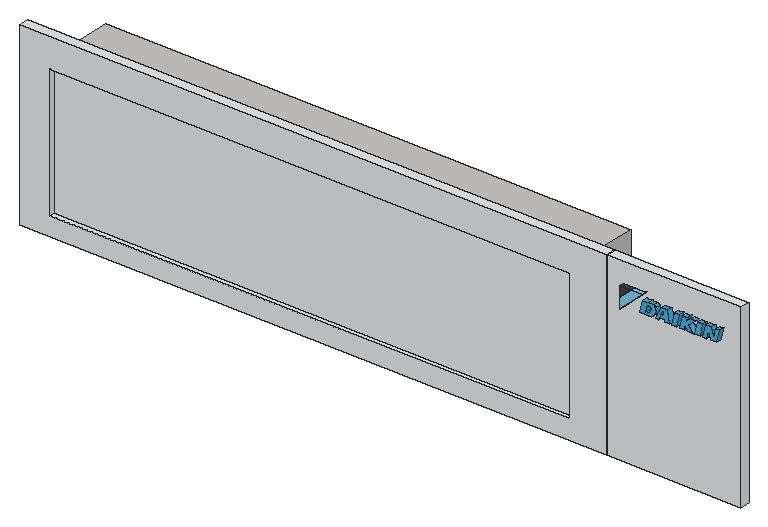
Revit family "outputfile", category 制気口, Revit 2024
Family settings
  丸型コネクタ寸法 = 直径を使用
  パーツ タイプ = 標準
  OmniClass 番号 = 23.75.70.21.27.11
  OmniClass タイトル = Diffusers, Registers, and Grilles
  作業面ベース = いいえ
  常に垂直 = はい
  ロード時にボイドで切り取り = いいえ
  注釈の向きを維持 = いいえ
  共有 = いいえ
  部屋計算ポイント = いいえ
Parameters (values of type "FPRAQ32APVM")
  Description = ""
  製造元 = "Daikin"
  書き出し IFC クラス(タイプ) = "IfcAirTerminalType"
  Default Elevation = 0 mm
  定義済み IFC タイプ(タイプ) = "GRILLE"
  Cost = 0
  モデル = "FPRAQ32APVM"
  Type Comments = ""
  Keynote = ""
  Type Image = (empty or 0)
  Assembly Code = ""
  Width = 722 mm
  Version = "ver.1.0"
  Unit Type = "Moisture Control 3D Air Flow Ceiling Mounted Duct Type"
  Unit Designation [instance] = ""
  Uniclass2015Version = "Products v1.35"
  Uniclass2015Title = "Air grilles"
  Uniclass2015Code = "Pr_70_65_04_03"
  URL = ""
  Series = "VRV Fan Coil Unit"
  SA Duct Size Width = 456 mm
  SA Duct Size Height = 141 mm
  Material_Grille = DAIKIN_FreshWhite_Panel_indoorunit
  IfcVersion = ""
  IfcExportType = "GRILLE"
  IfcExportAs = "IfcAirTerminalType"
  Height = 180 mm
  FCU Tag No. [instance] = ""
  Design Supply Airflow [instance] = 0.00 m³/h
  Depth = 70 mm
Reference planes
  plane 1 "Center (Front/Back)": y = 0
  plane 2: z = 90
  plane 3 "Center (Left/Right)": x = 10
  plane 4: x = 371
  plane 5: x = 237
  plane 6: x = -351
  plane 7: z = -90
  plane 8: z = -90
  plane 9: z = -75
  plane 10: x = 304
  plane 11: x = -321
  plane 12 "Center (Elevation)": z = 0
  plane 13: y = -10
  plane 14: y = -5
  plane 15: y = 60
  plane 16: z = 70.5
  plane 17: x = 205
  plane 18: z = 60
  plane 19: z = -23
  plane 20: z = -70.5
  plane 21: x = 308.5
  plane 22: x = 268
  plane 23: x = -58
Forms (mm)
  Extrusion 1, solid, material "DAIKIN_FreshWhite_Panel_indoorunit" <- "Material_Grille"
    sketch origin (10, 0, 0) x (0, 1, 0) y (0, 0, 1)
      loop
        line (0, 90) -> (-10, 90) -> (-10, -90) -> (0, -90) -> (0, 90)
    from 227 to 361
  Extrusion 2, solid, material "DAIKIN_FreshWhite_Panel_indoorunit" <- "Material_Grille"
    sketch origin (10, 0, 0) x (0, 1, 0) y (0, 0, 1)
      loop
        line (-10, 90) -> (-10, -90) -> (0, -90) -> (0, 90) -> (-10, 90)
    from -361 to 227
  Extrusion 3, void
    sketch origin (0, 0, 0) x (1, 0, 0) y (0, 0, 1)
      loop
        line (-321, 61) -> (-321, -70.5) -> (200.5, -70.5) -> (200.5, 61) -> (-321, 61)
    from 10 to 5
  Extrusion 4, solid, material "DAIKIN_GalvanizedSteel_Casing_indoorunit"
    sketch origin (0, 0, 0) x (1, 0, 0) y (0, 1, 0)
      loop
        line (-321, 60) -> (-321, 0) -> (205, 0) -> (205, 60) -> (-321, 60)
    from -70.5 to 70.5
  Extrusion 5, solid, material "DAIKIN_GalvanizedSteel_Casing_indoorunit"
    sketch origin (0, 0, 0) x (1, 0, 0) y (0, 1, 0)
      loop
        line (283.049, 33) -> (269.7, 19.651) -> (269.7, 0) -> (338.3, 0) -> (338.3, 33) -> (283.049, 33)
    from -23 to 60
Cuts and joins
  Extrusion 3 cuts Extrusion 2
  Extrusion 3 cuts Extrusion 1
Dimensions and locks
  locked: plane 2 to plane 7 at 180
  locked: plane 2 to Extrusion 3 sketch curve at 29
  locked: plane 2 to plane 9 at 165
  locked: plane 4 to plane 5 at 134
  locked: plane 11 to plane 6 at 30
  locked: plane 13 to plane 1 "Center (Front/Back)" at 10
  equal spacing: plane 13, plane 14, plane 1 "Center (Front/Back)"
  plane 6 to plane 3 "Center (Left/Right)" = 361 mm
  equal spacing: plane 4, plane 10, plane 5
  locked: plane 2 to plane 16 at 19.5
  locked: plane 17 to plane 4 at 166
  equal spacing: Extrusion 5 sketch curve, plane 10, Extrusion 5 sketch curve
  locked: Extrusion 5 sketch curve to Extrusion 5 sketch curve at 68.6
  locked: plane 1 "Center (Front/Back)" to Extrusion 5 sketch curve at 33
  plane 2 to plane 18 = 30 mm  (x2)
  locked: plane 19 to plane 8 at 67
  locked: plane 20 to plane 8 at 19.5
  "Width": plane 6 to plane 4
  "Depth": plane 15 to plane 13
  "Height": plane 2 to plane 8
  locked: plane 4 to plane 21 at 62.5
  locked: plane 22 to plane 5 at 31
  equal spacing: plane 17, plane 23, plane 11
  equal spacing: plane 4, plane 3 "Center (Left/Right)", plane 6
  aligned and locked: Extrusion 1 to plane 5
  aligned and locked: plane 4 to Extrusion 1
  aligned and locked: plane 7 to Extrusion 2 sketch curve
  aligned and locked: Extrusion 2 to Extrusion 1
  aligned and locked: Extrusion 2 to plane 6
  aligned and locked: Extrusion 3 to plane 11
  aligned and locked: Extrusion 1 sketch curve to plane 2
  aligned and locked: plane 2 to Extrusion 2 sketch curve
  aligned and locked: level to plane 12 "Center (Elevation)"
  aligned and locked: Extrusion 1 sketch curve to plane 1 "Center (Front/Back)"
  aligned and locked: plane 1 "Center (Front/Back)" to Extrusion 4 sketch curve
  aligned and locked: plane 14 to Extrusion 3
  aligned and locked: plane 1 "Center (Front/Back)" to Extrusion 2 sketch curve
  aligned and locked: plane 13 to Extrusion 2 sketch curve
  aligned and locked: Extrusion 2 to Extrusion 3
  aligned and locked: plane 13 to Extrusion 1 sketch curve
  aligned and locked: plane 15 to Extrusion 4
  aligned and locked: Extrusion 4 to cut or joined group of Extrusion 2, Extrusion 3
  aligned and locked: nested 1 to plane 16
  aligned and locked: plane 10 to nested 1
  aligned and locked: nested 1 to plane 13
  aligned and locked: plane 17 to Extrusion 4
  aligned and locked: Extrusion 5 sketch curve to plane 1 "Center (Front/Back)"
  aligned and locked: plane 18 to Extrusion 5
  aligned and locked: Extrusion 5 to plane 19
  aligned and locked: Extrusion 4 to plane 20
  aligned and locked: Extrusion 3 to Extrusion 4
  aligned and locked: Extrusion 4 to plane 16
  aligned and locked: Extrusion 1 sketch curve to plane 8
Automatic sketch dimensions
  plane 6 to Extrusion 3 sketch curve = 30 mm
  Extrusion 3 sketch curve to plane 5 = 36.5 mm
  Extrusion 4 sketch curve to plane 10 = 99 mm
  Extrusion 4 sketch curve to plane 11 = 0 mm
  Extrusion 4 sketch curve to plane 1 "Center (Front/Back)" = 60 mm
  Extrusion 5 sketch curve to Extrusion 5 sketch curve = 13.349 mm  (x2)
  plane 20 to Extrusion 3 sketch curve = 0 mm
Nested families
  nested 1: "daikin_logo_elevation_w100" at (319, -10, 45.5), type "daikin_logo_elevation_w100"
    with show_logo yes
Connectors
  hvac at (-58, 60, 0), driven by "SA Duct Size Height", driven by "SA Duct Size Width", driven by "Design Supply Airflow"
    settings: on Extrusion 4, index 1, duct flow 0.00 m³/h, flow factor 0, pres drop 0.0 Pa, loss coef 0, conn angle 0.00°, conn width 456.0 mm, conn height 141.0 mm, conn diameter 609.6 mm, duct sys type 1, conn prof type 1, flow config 1, flow direction 1, loss method 4, conn ref index -1, conn util no, is conn primary yes, conn desc "SA Duct"
Definition of nested family "daikin_logo_elevation_w100"
  Parameters (values of type "daikin_logo_elevation_w100")
    width = 100 mm
    show_logo [instance] = yes
    material = none
    height = 25 mm
    depth = 5 mm
    Default Elevation = 0 mm
  Reference planes
    plane 1 "Center (Front/Back)": y = 0
    plane 2: z = 0
    plane 3 "Center (Left/Right)": x = -15
    plane 4 "left": x = -65
    plane 5 "right": x = 35
    plane 6: y = -5
    plane 7: z = 25
  Forms (mm)
    Extrusion 1, solid
      sketch origin (0, 0, 0) x (1, 0, 0) y (0, 0, 1)
        loop
          line (-65, 25) -> (-65, 14.753) -> (-53.814, 25) -> (-65, 25)
      from 0 to 5
    Extrusion 2, solid
      sketch origin (0, 0, 0) x (1, 0, 0) y (0, 0, 1)
        loop
          line (-42.019, 25) -> (-53.814, 25) -> (-65, 14.753) -> (-65, 3.87) -> (-42.019, 25)
      from 0 to 5
    Extrusion 3, solid
      sketch origin (0, 0, 0) x (1, 0, 0) y (0, 0, 1)
        loop
          line (-35.602, 20.041) -> (-41.486, 20.041) -> (-44.428, 8.274) -> (-35.602, 8.274)
          arc (-35.602, 8.274) -> (-32.105, 8.983) -> (-29.415, 11.329) r 6.978
          arc (-29.415, 11.329) -> (-28.233, 14.382) -> (-28.637, 17.63) r 6.701
          arc (-28.637, 17.63) -> (-29.469, 18.814) -> (-30.709, 19.559) r 3.49
          arc (-30.709, 19.559) -> (-33.138, 19.976) -> (-35.602, 20.041) r 17.114
        loop
          line (-38.544, 10.627) -> (-36.191, 10.627)
          arc (-36.191, 10.627) -> (-34.383, 11.838) -> (-33.335, 13.745) r 4.6
          arc (-33.335, 13.745) -> (-33.193, 15.202) -> (-33.538, 16.625) r 4.404
          arc (-33.538, 16.625) -> (-34.051, 17.128) -> (-34.72, 17.393) r 1.818
          line (-34.72, 17.393) -> (-37.073, 17.393) -> (-38.544, 10.627)
        loop
          line (-29.13, 8.274) -> (-25.894, 8.274) -> (-24.791, 10.333) -> (-20.158, 10.333) -> (-19.717, 8.274) -> (-14.422, 8.274) -> (-16.775, 20.041) -> (-22.659, 20.041) -> (-29.13, 8.274)
        loop
          line (-23.373, 12.98) -> (-20.725, 12.98) -> (-21.482, 16.511) -> (-23.373, 12.98)
        loop
          line (-10.009, 20.041) -> (-12.951, 8.274) -> (-7.95, 8.274) -> (-5.008, 20.041) -> (-10.009, 20.041)
        loop
          line (-5.008, 8.274) -> (-0.007, 8.274) -> (0.792, 11.472) -> (3.229, 8.274) -> (9.407, 8.274) -> (4.7, 14.451) -> (11.466, 20.041) -> (6.171, 20.041) -> (2.093, 16.672) -> (2.935, 20.041) -> (-2.066, 20.041) -> (-5.008, 8.274)
        loop
          line (10.583, 8.274) -> (15.879, 8.274) -> (18.82, 20.041) -> (13.819, 20.041) -> (10.583, 8.274)
        loop
          line (18.82, 8.274) -> (22.35, 8.274) -> (24.013, 14.925) -> (26.175, 8.274) -> (32.058, 8.274) -> (35, 20.041) -> (31.47, 20.041) -> (29.679, 12.878) -> (27.351, 20.041) -> (21.762, 20.041) -> (18.82, 8.274)
      from 0 to 5
  Lines and regions (mm)
    model lines
      curve 1: line (-42.019, 0, 25) -> (-52.024, 0, 25)
      curve 2: line (-52.024, 0, 25) -> (-65, 0, 13.114)
      curve 3: line (-65, 0, 13.114) -> (-65, 0, 3.87)
      curve 4: line (-65, 0, 3.87) -> (-42.019, 0, 25)
      curve 5: line (-65, 0, 14.753) -> (-65, 0, 25)
      curve 6: line (-65, 0, 25) -> (-53.814, 0, 25)
      curve 7: line (-53.814, 0, 25) -> (-65, 0, 14.753)
      curve 8: line (-20.725, 0, 12.98) -> (-23.373, 0, 12.98)
      curve 9: line (-23.373, 0, 12.98) -> (-21.482, 0, 16.511)
      curve 10: line (-21.482, 0, 16.511) -> (-20.725, 0, 12.98)
      curve 11: line (-19.717, 0, 8.274) -> (-20.158, 0, 10.333)
      curve 12: line (-20.158, 0, 10.333) -> (-24.791, 0, 10.333)
      curve 13: line (-24.791, 0, 10.333) -> (-25.894, 0, 8.274)
      curve 14: line (-25.894, 0, 8.274) -> (-29.13, 0, 8.274)
      curve 15: line (-29.13, 0, 8.274) -> (-22.659, 0, 20.041)
      curve 16: line (-22.659, 0, 20.041) -> (-16.775, 0, 20.041)
      curve 17: line (-36.191, 0, 10.627) -> (-38.544, 0, 10.627)
      curve 18: line (-38.544, 0, 10.627) -> (-37.073, 0, 17.393)
      curve 19: line (-37.073, 0, 17.393) -> (-34.72, 0, 17.393)
      curve 20: line (-5.008, 0, 20.041) -> (-10.009, 0, 20.041)
      curve 21: line (-10.009, 0, 20.041) -> (-12.951, 0, 8.274)
      curve 22: line (-12.951, 0, 8.274) -> (-7.95, 0, 8.274)
      curve 23: line (-7.95, 0, 8.274) -> (-5.008, 0, 20.041)
      curve 24: line (24.013, 0, 14.925) -> (22.35, 0, 8.274)
      curve 25: line (22.35, 0, 8.274) -> (18.82, 0, 8.274)
      curve 26: line (18.82, 0, 8.274) -> (21.762, 0, 20.041)
      curve 27: line (21.762, 0, 20.041) -> (27.351, 0, 20.041)
      curve 28: line (27.351, 0, 20.041) -> (29.679, 0, 12.878)
      curve 29: line (29.679, 0, 12.878) -> (31.47, 0, 20.041)
      curve 30: line (31.47, 0, 20.041) -> (35, 0, 20.041)
      curve 31: line (35, 0, 20.041) -> (32.058, 0, 8.274)
      curve 32: line (32.058, 0, 8.274) -> (26.175, 0, 8.274)
      curve 33: line (26.175, 0, 8.274) -> (24.013, 0, 14.925)
      curve 34: line (-16.775, 0, 20.041) -> (-14.422, 0, 8.274)
      curve 35: line (-14.422, 0, 8.274) -> (-19.717, 0, 8.274)
      curve 36: line (-35.602, 0, 20.041) -> (-41.486, 0, 20.041)
      curve 37: line (-41.486, 0, 20.041) -> (-44.428, 0, 8.274)
      curve 38: line (-44.428, 0, 8.274) -> (-35.602, 0, 8.274)
      curve 39: line (10.583, 0, 8.274) -> (15.879, 0, 8.274)
      curve 40: line (15.879, 0, 8.274) -> (18.82, 0, 20.041)
      curve 41: line (18.82, 0, 20.041) -> (13.819, 0, 20.041)
      curve 42: line (13.819, 0, 20.041) -> (10.583, 0, 8.274)
      curve 43: line (3.229, 0, 8.274) -> (0.792, 0, 11.472)
      curve 44: line (0.792, 0, 11.472) -> (-0.007, 0, 8.274)
      curve 45: line (-0.007, 0, 8.274) -> (-5.008, 0, 8.274)
      curve 46: line (-5.008, 0, 8.274) -> (-2.066, 0, 20.041)
      curve 47: line (-2.066, 0, 20.041) -> (2.935, 0, 20.041)
      curve 48: line (2.935, 0, 20.041) -> (2.093, 0, 16.672)
      curve 49: line (2.093, 0, 16.672) -> (6.171, 0, 20.041)
      curve 50: line (6.171, 0, 20.041) -> (11.466, 0, 20.041)
      curve 51: line (11.466, 0, 20.041) -> (4.7, 0, 14.451)
      curve 52: line (4.7, 0, 14.451) -> (9.407, 0, 8.274)
      curve 53: line (9.407, 0, 8.274) -> (3.229, 0, 8.274)
      curve 54: arc (-36.191, 0, 10.627) -> (-34.383, 0, 11.838) -> (-33.335, 0, 13.745) r 4.6
      curve 55: arc (-33.335, 0, 13.745) -> (-33.193, 0, 15.202) -> (-33.538, 0, 16.625) r 4.404
      curve 56: arc (-33.538, 0, 16.625) -> (-34.051, 0, 17.128) -> (-34.72, 0, 17.393) r 1.818
      curve 57: arc (-35.602, 0, 8.274) -> (-32.105, 0, 8.983) -> (-29.415, 0, 11.329) r 6.978
      curve 58: arc (-29.415, 0, 11.329) -> (-28.233, 0, 14.382) -> (-28.637, 0, 17.63) r 6.701
      curve 59: arc (-28.637, 0, 17.63) -> (-29.469, 0, 18.814) -> (-30.709, 0, 19.559) r 3.49
      curve 60: arc (-30.709, 0, 19.559) -> (-33.138, 0, 19.976) -> (-35.602, 0, 20.041) r 17.114
  Dimensions and locks
    "width": plane 4 "left" to plane 5 "right"
    "depth": plane 6 to plane 1 "Center (Front/Back)"
    equal spacing: plane 4 "left", plane 3 "Center (Left/Right)", plane 5 "right"
    "height": plane 7 to plane 2
    aligned and locked: level to plane 2
    aligned and locked: Extrusion 1 sketch curve to plane 4 "left"
    aligned and locked: Extrusion 1 sketch curve to plane 7
    aligned and locked: plane 7 to Extrusion 2 sketch curve
    aligned and locked: plane 4 "left" to Extrusion 2 sketch curve
    aligned and locked: Extrusion 3 to plane 6
    aligned and locked: Extrusion 1 to plane 6
    aligned and locked: Extrusion 2 to plane 6
  Automatic sketch dimensions
    plane 4 "left" to curve 5 = 0 mm
    plane 4 "left" to curve 2 = 0 mm
    curve 30 to plane 5 "right" = 0 mm
    curve 5 to curve 6 = 11.186 mm
    curve 6 to curve 2 = 1.79 mm
    curve 2 to curve 37 = 7.597 mm
    curve 2 to curve 1 = 10.005 mm
    curve 1 to curve 37 = 0.534 mm
    curve 37 to curve 18 = 5.884 mm
    curve 17 to curve 54 = 0.769 mm
    curve 54 to curve 55 = 0.188 mm
    curve 54 to curve 19 = 0.702 mm
    curve 17 to curve 17 = 2.353 mm
    curve 18 to curve 36 = 1.471 mm
    curve 17 to curve 38 = 0.588 mm
    curve 55 to curve 57 = 2.392 mm
    curve 57 to curve 56 = 0.152 mm
    curve 57 to curve 58 = 0.311 mm
    curve 57 to curve 60 = 0.787 mm
    curve 56 to curve 19 = 0.322 mm
    curve 19 to curve 59 = 2.873 mm
    curve 57 to curve 15 = 6.472 mm
    curve 14 to curve 13 = 3.236 mm
    curve 13 to curve 13 = 1.103 mm
    curve 12 to curve 8 = 1.418 mm
    curve 8 to curve 16 = 0.714 mm
    curve 15 to curve 10 = 1.177 mm
    curve 8 to curve 10 = 2.648 mm
    curve 8 to curve 12 = 0.567 mm
    curve 11 to curve 35 = 0.441 mm
    curve 16 to plane 3 "Center (Left/Right)" = 1.775 mm
    plane 3 "Center (Left/Right)" to curve 35 = 0.578 mm
    curve 34 to curve 21 = 1.471 mm
    plane 3 "Center (Left/Right)" to curve 21 = 4.991 mm
    curve 21 to curve 23 = 5.001 mm
    curve 20 to curve 23 = 5.001 mm
    curve 22 to curve 45 = 2.942 mm
    curve 20 to curve 47 = 2.942 mm
    curve 45 to curve 44 = 5.001 mm
    curve 44 to curve 44 = 0.799 mm
    curve 46 to curve 49 = 4.159 mm
    curve 49 to curve 48 = 0.842 mm
    curve 44 to curve 53 = 3.236 mm
    curve 48 to curve 52 = 2.607 mm
    curve 47 to curve 49 = 3.236 mm
    curve 43 to curve 53 = 6.178 mm
    curve 52 to curve 39 = 1.177 mm
    curve 49 to curve 51 = 5.295 mm
    curve 50 to curve 41 = 2.353 mm
    curve 39 to curve 39 = 5.295 mm
    curve 41 to curve 40 = 5.001 mm
    curve 39 to curve 25 = 2.942 mm
    curve 40 to curve 26 = 2.942 mm
    curve 25 to curve 24 = 3.53 mm
    curve 26 to curve 33 = 2.251 mm
    curve 24 to curve 33 = 3.824 mm
    curve 26 to curve 27 = 5.589 mm
    curve 29 to plane 5 "right" = 5.321 mm
    curve 29 to curve 30 = 3.53 mm
    curve 31 to plane 5 "right" = 2.942 mm
    curve 60 to plane 7 = 22.055 mm
    curve 60 to curve 3 = 0.925 mm
    curve 60 to curve 37 = 5.329 mm
    curve 60 to curve 34 = 5.329 mm
    curve 32 to curve 34 = 0 mm
    curve 39 to curve 32 = 0 mm
    curve 43 to curve 39 = 0 mm
    curve 26 to curve 39 = 0 mm
    curve 23 to curve 34 = 0 mm
    curve 13 to curve 11 = 0 mm
    curve 44 to curve 43 = 0 mm
    curve 11 to curve 11 = 2.059 mm
    curve 38 to curve 17 = 2.353 mm
    curve 44 to curve 43 = 3.198 mm
    curve 31 to curve 29 = 4.604 mm
    curve 12 to curve 8 = 2.648 mm
    curve 4 to curve 2 = 9.244 mm
    curve 43 to curve 51 = 2.98 mm
    curve 2 to curve 5 = 1.639 mm
    curve 17 to curve 55 = 4.265 mm
    curve 28 to curve 24 = 2.046 mm
    curve 55 to curve 54 = 0.053 mm
    curve 55 to curve 58 = 0.311 mm
    curve 58 to curve 57 = 0.037 mm
    curve 57 to curve 56 = 0.364 mm
    curve 58 to curve 59 = 1.057 mm
    curve 8 to curve 9 = 3.53 mm
    curve 51 to curve 48 = 2.22 mm
    curve 54 to curve 18 = 2.447 mm
    curve 22 to curve 21 = 11.767 mm
    curve 46 to curve 20 = 0 mm
    curve 24 to curve 26 = 5.116 mm
    curve 49 to curve 47 = 0 mm
    curve 42 to curve 50 = 0 mm
    curve 9 to curve 16 = 3.53 mm
    curve 29 to curve 27 = 0 mm
    curve 18 to curve 37 = 2.648 mm
    curve 36 to curve 6 = 4.959 mm
    curve 36 to curve 4 = 4.959 mm
    curve 19 to curve 55 = 1.182 mm
    curve 59 to curve 60 = 1.138 mm
    curve 58 to curve 14 = 0.285 mm
    Extrusion 1 sketch curve to plane 4 "left" = 11.186 mm
    Extrusion 1 sketch curve to plane 7 = 10.247 mm
    Extrusion 2 sketch curve to plane 4 "left" = 22.981 mm
    Extrusion 2 sketch curve to plane 7 = 10.247 mm
    level to Extrusion 2 sketch curve = 3.87 mm
    Extrusion 2 sketch curve to plane 4 "left" = 11.186 mm
    Extrusion 3 sketch curve to plane 7 = 4.959 mm  (x5)
    Extrusion 3 sketch curve to plane 3 "Center (Left/Right)" = 20.602 mm
    level to Extrusion 3 sketch curve = 2.945 mm
    Extrusion 3 sketch curve to Extrusion 3 sketch curve = 0.787 mm  (x2)
    Extrusion 3 sketch curve to Extrusion 3 sketch curve = 5.884 mm
    Extrusion 3 sketch curve to Extrusion 3 sketch curve = 4.894 mm
    Extrusion 3 sketch curve to Extrusion 3 sketch curve = 1.138 mm
    Extrusion 3 sketch curve to Extrusion 3 sketch curve = 3.299 mm
    Extrusion 3 sketch curve to Extrusion 3 sketch curve = 2.072 mm
    Extrusion 3 sketch curve to Extrusion 3 sketch curve = 3.036 mm
    Extrusion 3 sketch curve to Extrusion 3 sketch curve = 1.057 mm
    Extrusion 3 sketch curve to Extrusion 3 sketch curve = 2.432 mm
    Extrusion 3 sketch curve to Extrusion 3 sketch curve = 0.311 mm
    Extrusion 3 sketch curve to Extrusion 3 sketch curve = 0.037 mm
    Extrusion 3 sketch curve to Extrusion 3 sketch curve = 8.825 mm
    Extrusion 3 sketch curve to plane 7 = 7.607 mm
    Extrusion 3 sketch curve to Extrusion 3 sketch curve = 1.879 mm
    Extrusion 3 sketch curve to Extrusion 3 sketch curve = 2.942 mm  (x5)
    Extrusion 3 sketch curve to Extrusion 3 sketch curve = 0.163 mm
    Extrusion 3 sketch curve to Extrusion 3 sketch curve = 0.152 mm
    Extrusion 3 sketch curve to Extrusion 3 sketch curve = 0.364 mm
    Extrusion 3 sketch curve to Extrusion 3 sketch curve = 1.182 mm
    Extrusion 3 sketch curve to Extrusion 3 sketch curve = 2.392 mm
    Extrusion 3 sketch curve to Extrusion 3 sketch curve = 0.348 mm
    Extrusion 3 sketch curve to Extrusion 3 sketch curve = 1.548 mm
    Extrusion 3 sketch curve to Extrusion 3 sketch curve = 0.188 mm
    Extrusion 3 sketch curve to Extrusion 3 sketch curve = 0.053 mm
    Extrusion 3 sketch curve to Extrusion 3 sketch curve = 2.353 mm  (x2)
    Extrusion 3 sketch curve to Extrusion 3 sketch curve = 5.979 mm
    Extrusion 3 sketch curve to Extrusion 3 sketch curve = 0.285 mm
    Extrusion 3 sketch curve to plane 3 "Center (Left/Right)" = 1.775 mm
    Extrusion 3 sketch curve to Extrusion 3 sketch curve = 3.056 mm
    plane 3 "Center (Left/Right)" to Extrusion 3 sketch curve = 0.578 mm
    Extrusion 3 sketch curve to plane 3 "Center (Left/Right)" = 4.717 mm
    Extrusion 3 sketch curve to Extrusion 3 sketch curve = 0.441 mm
    Extrusion 3 sketch curve to Extrusion 3 sketch curve = 2.059 mm  (x2)
    Extrusion 3 sketch curve to Extrusion 3 sketch curve = 4.633 mm
    Extrusion 3 sketch curve to Extrusion 3 sketch curve = 1.103 mm
    Extrusion 3 sketch curve to Extrusion 3 sketch curve = 1.177 mm  (x2)
    Extrusion 3 sketch curve to Extrusion 3 sketch curve = 3.53 mm  (x2)
    Extrusion 3 sketch curve to Extrusion 3 sketch curve = 1.418 mm
    Extrusion 3 sketch curve to Extrusion 3 sketch curve = 2.648 mm  (x2)
    plane 3 "Center (Left/Right)" to Extrusion 3 sketch curve = 4.991 mm
    Extrusion 3 sketch curve to Extrusion 3 sketch curve = 1.471 mm
    Extrusion 3 sketch curve to Extrusion 3 sketch curve = 5.001 mm  (x4)
    Extrusion 3 sketch curve to Extrusion 3 sketch curve = 0 mm  (x8)
    Extrusion 3 sketch curve to plane 7 = 8.328 mm
    Extrusion 3 sketch curve to Extrusion 3 sketch curve = 0.842 mm
    Extrusion 3 sketch curve to Extrusion 3 sketch curve = 3.236 mm  (x2)
    Extrusion 3 sketch curve to Extrusion 3 sketch curve = 5.295 mm  (x2)
    Extrusion 3 sketch curve to Extrusion 3 sketch curve = 2.607 mm
    Extrusion 3 sketch curve to Extrusion 3 sketch curve = 2.22 mm
    Extrusion 3 sketch curve to Extrusion 3 sketch curve = 4.707 mm
    Extrusion 3 sketch curve to Extrusion 3 sketch curve = 6.178 mm
    Extrusion 3 sketch curve to Extrusion 3 sketch curve = 2.436 mm
    Extrusion 3 sketch curve to Extrusion 3 sketch curve = 3.198 mm
    Extrusion 3 sketch curve to Extrusion 3 sketch curve = 5.589 mm
    Extrusion 3 sketch curve to plane 5 "right" = 5.321 mm
    Extrusion 3 sketch curve to Extrusion 3 sketch curve = 7.163 mm
    Extrusion 3 sketch curve to plane 5 "right" = 3.53 mm
    Extrusion 3 sketch curve to plane 5 "right" = 0 mm
    Extrusion 3 sketch curve to plane 5 "right" = 2.942 mm
    Extrusion 3 sketch curve to Extrusion 3 sketch curve = 4.604 mm
    Extrusion 3 sketch curve to Extrusion 3 sketch curve = 3.504 mm
    Extrusion 3 sketch curve to Extrusion 3 sketch curve = 2.251 mm
    Extrusion 3 sketch curve to Extrusion 3 sketch curve = 5.116 mm
